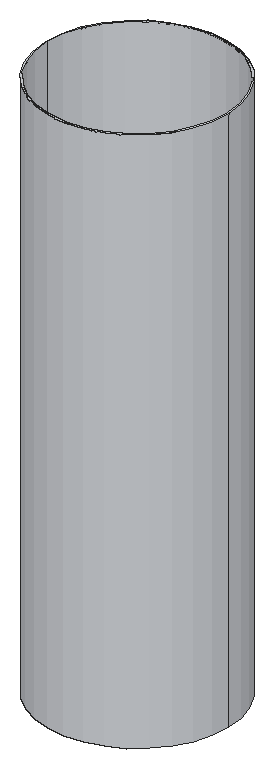
Revit family "Round Floor Sleeve", category Pipe Accessories, Revit 2021
Family settings
  Round Connector Dimension = Use Diameter
  Part Type = Normal
  Work Plane-Based = Yes
  Always vertical = Yes
  Cut with Voids When Loaded = No
  Shared = No
Parameters
  TS_Point_Description [instance] = "SLV"
  Length [instance] = 0' - 6"
  Inner Diameter [instance] = Diameter - 0' 0 1/32"  # 0' - 1 31/32"
  GTP_PointRole_0 [instance] = ""
  GTP_PointNumber_0 [instance] = ""
  GTP_PointElement_0 [instance] = ""
  GTP_LinkedParam_0 [instance] = "GTP_PointNumber_0"
  Diameter [instance] = 0' - 2"
  Default Elevation = 4' - 0"
Reference planes (in)
  plane 1 "Center (Front/Back)": y = 0
  plane 2: z = 0
  plane 3 "Center (Left/Right)": x = 0
  plane 4: z = -6
  plane 5: z = -3
Forms (in)
  Extrusion 1, solid
    sketch origin (0, 0, 0) x (1, 0, 0) y (0, 1, 0)
      loop
        circle (0, 0) r 1
      loop
        circle (0, 0) r 0.98438
    from 0 to -6
Dimensions and locks (in)
  "Length": level to plane 4
  equal spacing: plane 2, plane 5, plane 4
  "Diameter": diameter of Extrusion 1 sketch curve
  "Inner Diameter": diameter of Extrusion 1 sketch curve
  aligned and locked: plane 2 to level
  aligned and locked: plane 2 to Extrusion 1
  aligned and locked: Extrusion 1 to plane 4
  aligned and locked: plane 5 to nested 1
Automatic sketch dimensions
  Extrusion 1 sketch curve to Extrusion 1 sketch curve = 0' - 0"  (x2)
  plane 1 "Center (Front/Back)" to Extrusion 1 sketch curve = 0' - 0"
  Extrusion 1 sketch curve to plane 3 "Center (Left/Right)" = 0' - 0"
Nested families (in)
  nested 1: "GTP" at (0, 0, -3), PointNumber <- "GTP_PointNumber_0", PointRole <- "GTP_PointRole_0", PointElement <- "GTP_PointElement_0", LinkedParam <- "GTP_LinkedParam_0", PointDescription <- "TS_Point_Description", type "Generic Pt"
    with PointRole "", PointNumber "", PointElement "", PointDescription "SLV", LinkedParam "GTP_PointNumber_0"
Definition of nested family "GTP"
  Parameters (values of type "Generic Pt")
    URL = ""
    PointRole [instance] = "Stake Out"
    PointNumber [instance] = ""
    PointElement [instance] = ""
    PointDescription [instance] = "Generic Pt"
    Manufacturer = "Autodesk Inc."
    LinkedParam [instance] = ""
    Default Elevation = 0' - 0"
  Reference planes (in)
    plane 1 "Center (Front/Back)": y = 0
    plane 2: z = 0
    plane 3 "Center (Left/Right)": x = 0
  Forms (in)
    Extrusion 1, solid, detail levels medium+fine
      sketch origin (0, 0, 0) x (1, 0, 0) y (0, 1, 0)
        loop
          line (0.5, -0.5) -> (0.5, 0.5) -> (-0.5, 0.5) -> (-0.5, -0.5) -> (0.5, -0.5)
      from -0.5 to 0.5
  Lines and regions (in)
    model lines, detail levels coarse+medium
      curve 1: line (0, 0.5, 0) -> (0, 0, 0)
      curve 2: line (-0.5, 0, 0) -> (0, 0, 0)
      curve 3: line (0, 0, -0.5) -> (0, 0, 0)
      curve 4: line (0, 0, 0) -> (0.5, 0, 0)
      curve 5: line (0, 0, 0) -> (0, -0.5, 0)
      curve 6: line (0, 0, 0) -> (0, 0, 0.5)
